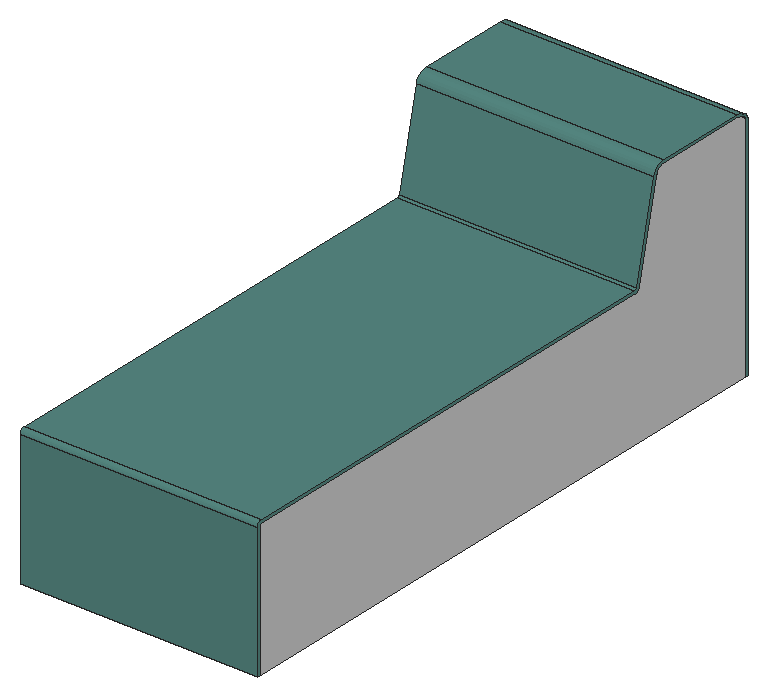
Revit family "Haworth_BandasSpace_Lounge", category Furniture, Revit 2018
Family settings
  OmniClass Number = 23.35.50.27.11.11
  OmniClass Title = Access Floors, Frames
  Work Plane-Based = No
  Always vertical = Yes
  Cut with Voids When Loaded = No
  Shared = No
  Room Calculation Point = No
Parameters (values of type "HCGN-BNLC - Chaise Lounge")
  Warranty = "http://www.haworth.com/resources/product-info/warranties"
  URL - Product = "https://www.haworth.com/products/seating/lounge-sofas-benches/bandas-space"
  URL = "http://www.haworth.com/our-brands/haworth-collection"
  Small = not(Large)  # no
  Seat Height = 13 3/4"  # constant formula
  Seat Finish Outer [instance] = Haworth _ Wool _ Bandas Space _ Petrol ZN-B02 - Pouf
  Seat Finish Inner = Haworth _ Wool _ Bandas Space
  Revision Number = "1"  # constant formula
  Note = "Verify Final Dimensions w/ Haworth"  # constant formula
  Model = "HCGN-BNL"  # constant formula
  Manufacturer = "Haworth"  # constant formula
  Large = yes
  Description = "Haworth - Bandas Space - Chaise Lounge"
  Author = "Haworth (Alias)"  # constant formula
  Assembly Code = ""
  Actual Width = 23 77/128"  # constant formula
  Actual Height = 23 77/128"  # constant formula
  Actual Depth = if(Small, 37 51/128", 61")  # 61"
Types (3): name | Small | Large | Description | Actual Depth
  (no name) | no | yes | "Haworth - Bandas Space - Chaise Lounge" | 61"
  HCGN-BNL1 - Lounge Chair | yes | no | "Haworth - Bandas Space - Lounge Chair" | 37 51/128"
  HCGN-BNLC - Chaise Lounge | no | yes | "Haworth - Bandas Space - Chaise Lounge" | 61"
Reference planes (in)
  plane 1: z = 0
  plane 2 "Left": x = -7.77344
  plane 3 "Right": x = 15.82812
  plane 4 "Back": y = 10.92187
  plane 5 "Front": y = -50.07813
  plane 6 "Center LR": x = 4.02734
  plane 7 "Seat Height": z = 13.75
  plane 8 "Lounge Top": z = 23.60156
  plane 9 "Center FB": y = -19.57813
Forms (in)
  Extrusion 1, solid, material "Haworth _ Wool _ Bandas Space" <- "Seat Finish Inner"
    sketch origin (4.02734, 0, 0) x (0, 1, 0) y (0, 0, 1)
      loop
        line (-49.82813, 13.25) -> (-49.82813, 0) -> (10.67187, 0) -> (10.67187, 22.60156)
        arc (10.67187, 22.60156) -> (10.37898, 23.30867) -> (9.67187, 23.60156) r 1
        line (9.67187, 23.60156) -> (0.39827, 23.60156)
        arc (0.39827, 23.60156) -> (-0.2218, 23.38611) -> (-0.57468, 22.83259) r 1
        line (-0.57468, 22.83259) -> (-2.69939, 13.88449)
        arc (-2.69939, 13.88449) -> (-2.87583, 13.60773) -> (-3.18587, 13.5) r 0.5
        line (-3.18587, 13.5) -> (-49.57813, 13.5)
        arc (-49.57813, 13.5) -> (-49.7549, 13.42678) -> (-49.82813, 13.25) r 0.25
    from -11.80078 to 11.80078
  Extrusion 2, solid, material "Haworth _ Wool _ Bandas Space _ Petrol ZN-B02 - Pouf" <- "Seat Finish Outer"
    sketch origin (4.02734, 0, 0) x (0, 1, 0) y (0, 0, 1)
      loop
        line (-50.07813, 0) -> (-49.82813, 0) -> (-49.82813, 13.25)
        arc (-49.82813, 13.25) -> (-49.7549, 13.42678) -> (-49.57813, 13.5) r 0.25
        line (-49.57813, 13.5) -> (-3.18587, 13.5)
        arc (-3.18587, 13.5) -> (-2.87583, 13.60773) -> (-2.69939, 13.88449) r 0.5
        line (-2.69939, 13.88449) -> (-0.57468, 22.83259)
        arc (-0.57468, 22.83259) -> (-0.2218, 23.38611) -> (0.39827, 23.60156) r 1
        line (0.39827, 23.60156) -> (9.67187, 23.60156)
        arc (9.67187, 23.60156) -> (10.37898, 23.30867) -> (10.67187, 22.60156) r 1
        line (10.67187, 22.60156) -> (10.67187, 0) -> (10.92187, 0) -> (10.92187, 22.60156)
        arc (10.92187, 22.60156) -> (10.55576, 23.48545) -> (9.67187, 23.85156) r 1.25
        line (9.67187, 23.85156) -> (0.39827, 23.85156)
        arc (0.39827, 23.85156) -> (-0.37682, 23.58225) -> (-0.81791, 22.89034) r 1.25
        line (-0.81791, 22.89034) -> (-2.94263, 13.94224)
        arc (-2.94263, 13.94224) -> (-3.03085, 13.80386) -> (-3.18587, 13.75) r 0.25
        line (-3.18587, 13.75) -> (-49.57813, 13.75)
        arc (-49.57813, 13.75) -> (-49.93168, 13.60355) -> (-50.07813, 13.25) r 0.5
        line (-50.07813, 13.25) -> (-50.07813, 0)
    from -11.80078 to 11.80078
Lines and regions (in)
  Masking region 1
    outline origin (0, 0, 0) x (1, 0, 0) y (0, 1, 0)
      loop
        line (-7.77344, 10.92187) -> (-7.77344, -50.07813) -> (15.82812, -50.07813) -> (15.82812, 10.92187) -> (-7.77344, 10.92187)
  symbolic lines, style "Furniture", detail levels medium+fine
    curve 1: line (15.82812, -2.85938, 0) -> (-7.77344, -2.85938, 0)
Dimensions and locks (in)
  "Actual Depth": plane 4 "Back" to plane 5 "Front"
  "Actual Width": plane 2 "Left" to plane 3 "Right"
  equal spacing: plane 2 "Left", plane 6 "Center LR", plane 3 "Right"
  locked: Extrusion 1 sketch curve to plane 4 "Back" at 0.25
  locked: plane 5 "Front" to Extrusion 1 sketch curve at 0.25
  locked: Extrusion 1 to plane 4 "Back" at 0.25
  locked: plane 5 "Front" to Extrusion 1 at 0.25
  locked: Extrusion 2 sketch curve to plane 7 "Seat Height" at 0.25
  locked: Extrusion 2 to plane 7 "Seat Height" at 0.25  (x2)
  "Seat Height": plane 7 "Seat Height" to plane 1
  "Actual Height": plane 8 "Lounge Top" to plane 1
  locked: Extrusion 2 sketch curve to plane 8 "Lounge Top" at 0.25  (x2)
  locked: Extrusion 2 sketch curve to plane 7 "Seat Height" at 0.13449
  locked: plane 8 "Lounge Top" to Extrusion 2 sketch curve at 0.76897
  locked: Extrusion 2 sketch curve to plane 4 "Back" at 11.49655
  locked: Extrusion 2 sketch curve to plane 4 "Back" at 13.62127
  locked: plane 8 "Lounge Top" to Extrusion 2 sketch curve at 0.71122
  locked: Extrusion 2 sketch curve to plane 4 "Back" at 11.73979
  locked: Extrusion 2 sketch curve to plane 4 "Back" at 10.5236
  locked: Extrusion 2 sketch curve to plane 7 "Seat Height" at 0.19224
  locked: Extrusion 2 sketch curve to plane 4 "Back" at 13.8645
  equal spacing: plane 4 "Back", plane 9 "Center FB", plane 5 "Front"
  locked: Extrusion 1 sketch curve to plane 4 "Back" at 11.49655
  locked: Extrusion 1 sketch curve to plane 4 "Back" at 13.62127
  locked: Extrusion 1 sketch curve to plane 4 "Back" at 14.10774
  locked: Extrusion 1 to Extrusion 2 sketch curve at 0.25
  locked: Extrusion 2 sketch curve to Extrusion 1 at 0.25
  locked: plane 5 "Front" to Extrusion 2 sketch curve at 0.25
  aligned and locked: Masking region 1 sketch curve to plane 4 "Back"
  aligned and locked: plane 3 "Right" to Masking region 1 sketch curve
  aligned and locked: plane 5 "Front" to Masking region 1 sketch curve
  aligned and locked: Masking region 1 sketch curve to plane 2 "Left"
  aligned and locked: Extrusion 1 sketch curve to plane 1
  aligned and locked: Extrusion 1 to plane 3 "Right"
  aligned and locked: Extrusion 1 to plane 2 "Left"
  aligned and locked: Extrusion 2 to plane 3 "Right"
  aligned and locked: Extrusion 2 to plane 2 "Left"
  aligned and locked: Extrusion 2 sketch curve to plane 7 "Seat Height"
  aligned and locked: plane 8 "Lounge Top" to Extrusion 1 sketch curve
  aligned and locked: plane 8 "Lounge Top" to Extrusion 2 sketch curve
  aligned and locked: plane 7 "Seat Height" to Extrusion 2 sketch curve
  aligned and locked: Extrusion 2 sketch curve to plane 1  (x2)
Automatic sketch dimensions
  Extrusion 1 sketch curve to Extrusion 1 sketch curve = 1/4"
  plane 7 "Seat Height" to Extrusion 1 sketch curve = 1/4"
  plane 7 "Seat Height" to Extrusion 1 sketch curve = 0.13449"
  Extrusion 1 sketch curve to plane 8 "Lounge Top" = 0.76897"
  Extrusion 1 sketch curve to Extrusion 1 sketch curve = 0.97295"
  Extrusion 1 sketch curve to plane 8 "Lounge Top" = 1"
  Extrusion 2 sketch curve to Extrusion 2 sketch curve = 0"  (x5)
  Extrusion 2 sketch curve to Extrusion 2 sketch curve = 1/4"
  plane 7 "Seat Height" to Extrusion 2 sketch curve = 1/4"
  Extrusion 2 sketch curve to plane 4 "Back" = 1 1/4"
  curve 1 to plane 2 "Left" = 0"
  curve 1 to plane 3 "Right" = 0"
  curve 1 to plane 4 "Back" = 13 25/32"
